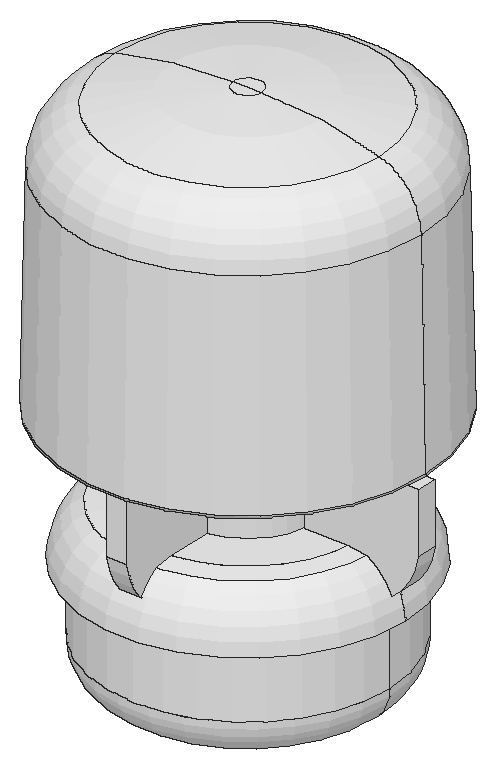
Revit family "1-Aero Sensors_RA_RFA", category Pipe Accessories, Revit 2019
Family settings
  Round Connector Dimension = Use Diameter
  Part Type = Normal
  OmniClass Number = 23.65.55.14.17
  OmniClass Title = Adjusting/Controlling Valves for Liquid Services
  Work Plane-Based = No
  Always vertical = Yes
  Cut with Voids When Loaded = No
  Shared = Yes
Parameters (values of type "Aero Sensors_Built-in_7-28 °C")
  YH = XYadd - H'  # 516 mm
  Y' [instance] = if(Box Y Offset < -1 * XYlimit, XYadd - XYlimit, (if(Box Y Offset > XYlimit, XYadd + XYlimit, Box Y Offset + XYadd)))  # 700 mm
  XYadd = XYlimit + 100 mm  # 600 mm
  X' [instance] = if(Box X Offset < -1 * XYlimit, XYadd - XYlimit, (if(Box X Offset > XYlimit, XYadd + XYlimit, Box X Offset + XYadd)))  # 700 mm
  XYlimit = 500 mm
  W [instance] = 56 mm
  Min Temperature Setting = "7 °C"
  Max Temperature Setting = "28 °C"
  Max Capillary Tube Length = 0 mm
  Sensor Media = "Gas"  # constant formula
  Remote Sensor = if(RS = 1, 1 = 1, 1 = 0)  # no
  Box Z Offset [instance] = 100 mm  # constant formula
  URL = "https://store.danfoss.com/en/Climate-Solutions-for-heating/Radiator-Thermostats/Radiator-sensors/Room-sensor-mTRV/Sensors-for-Danfoss-RA-valves/c/13884?q=%3Arelevance%3Adanfoss_producttypehierarchydesc%3ADanfoss+Aero%C2%AE+Sensors%3Adanfoss_a1186338575%3AA1186_3385757565fa0f3e171a343b2fd2a01064cb82&text="
  RS = 0
  Model Type = "Aero Sensors_Built-in_7-28 °C"
  Model = "015G4590,015G4594,015G4580,015G5201,015G4595,015G4598"
  Manufacturer = "Danfoss"  # constant formula
  LOD 350 [instance] = not(LOD 200)  # yes
  LOD 200 [instance] = no
  L [instance] = 56 mm
  IfcExportType = "Aero Sensors"  # constant formula
  IfcExportAs = "IfcActuatorType"  # constant formula
  H' = 84 mm
  H [instance] = 84 mm
  Description = "Radiator Sensor"  # constant formula
  Connection = "RA"  # constant formula
  Box Y Offset [instance] = 100 mm
  Box X Offset [instance] = 100 mm
  Body Material = Danfoss Plastic White
  Aero Sensor = Aero_RFA : Aero Sensors
Types (11, lengths in mm): name | YH | Y' | XYadd | X' | XYlimit | W | Min Temperature Setting | Max Temperature Setting | Max Capillary Tube Length | Remote Sensor | URL | RS | Model Type | Model | L | Aero Sensor
  (no name) | 516 | 700 | 600 | 700 | 500 | 56 | "7 °C" | "28 °C" | 0 | no | "https://store.danfoss.com/en/Climate-Solutions-for-heating/Radiator-Thermostats/Radiator-sensors/Room-sensor-mTRV/Sensors-for-Danfoss-RA-valves/c/13884?q=%3Arelevance%3Adanfoss_producttypehierarchydesc%3ADanfoss+Aero%C2%AE+Sensors%3Adanfoss_a1186338575%3AA1186_3385757565fa0f3e171a343b2fd2a01064cb82&text=" | 0 | "Aero Sensors_Built-in_7-28 °C" | "015G4590,015G4594,015G4580,015G5201,015G4595,015G4598" | 56 | Aero_RFA : Aero Sensors
  Aero Sensors_Built-in_7-28 °C | 516 | 700 | 600 | 700 | 500 | 56 | "7 °C" | "28 °C" | 0 | no | "https://store.danfoss.com/en/Climate-Solutions-for-heating/Radiator-Thermostats/Radiator-sensors/Room-sensor-mTRV/Sensors-for-Danfoss-RA-valves/c/13884?q=%3Arelevance%3Adanfoss_producttypehierarchydesc%3ADanfoss+Aero%C2%AE+Sensors%3Adanfoss_a1186338575%3AA1186_3385757565fa0f3e171a343b2fd2a01064cb82&text=" | 0 | "Aero Sensors_Built-in_7-28 °C" | "015G4590,015G4594,015G4580,015G5201,015G4595,015G4598" | 56 | Aero_RFA : Aero Sensors
  Aero Sensors_Tamperproof_Built-in_7-28 °C_015G4540 | 516 | 700 | 600 | 700 | 500 | 61 | "7 °C" | "28 °C" | 0 | no | "https://store.danfoss.com/en/Climate-Solutions-for-heating/Radiator-Thermostats/Radiator-sensors/Room-sensor-mTRV/Sensors-for-Danfoss-RA-valves/c/13884?q=%3Arelevance%3Adanfoss_producttypehierarchydesc%3ADanfoss+Aero%C2%AE+Sensors%3Adanfoss_a1186338575%3AA1186_3385757565fa0f3e171a343b2fd2a01064cb82&text=" | 0 | "Aero Sensors_Tamperproof_Built-in_7-28 °C" | "015G4540" | 61 | Aero_RFA : Aero Sensors_Tamper
  Aero Sensors_Remote_7-26 °C_015G4592 | 1016 | 1200 | 1100 | 1200 | 1000 | 56 | "7 °C" | "26 °C" | 2000 | yes | "https://store.danfoss.com/en/Climate-Solutions-for-heating/Radiator-Thermostats/Radiator-sensors/Room-sensor-mTRV/Sensors-for-Danfoss-RA-valves/c/13884?q=%3Arelevance%3Adanfoss_producttypehierarchydesc%3ADanfoss+Aero%C2%AE+Sensors%3Adanfoss_a1186338575%3AA1186_3385756922a4d78decdb47e1e9a53dbb12a95d&text=" | 1 | "Aero Sensors_Remote_7-26 °C" | "015G4592" | 56 | Aero_RFA : Aero Sensors
  Aero Sensors_Tamperproof_Remote_7-26 °C_015G4542 | 1016 | 1200 | 1100 | 1200 | 1000 | 61 | "7 °C" | "26 °C" | 2000 | yes | "https://store.danfoss.com/en/Climate-Solutions-for-heating/Radiator-Thermostats/Radiator-sensors/Room-sensor-mTRV/Sensors-for-Danfoss-RA-valves/c/13884?q=%3Arelevance%3Adanfoss_producttypehierarchydesc%3ADanfoss+Aero%C2%AE+Sensors%3Adanfoss_a1186338575%3AA1186_3385756922a4d78decdb47e1e9a53dbb12a95d&text=" | 1 | "Aero Sensors_Tamperproof_Remote_7-26 °C" | "015G4542" | 61 | Aero_RFA : Aero Sensors_Tamper
  Aero Sensors_Built-in_16-28 °C | 516 | 700 | 600 | 700 | 500 | 56 | "16 °C" | "28 °C" | 0 | no | "https://store.danfoss.com/en/Climate-Solutions-for-heating/Radiator-Thermostats/Radiator-sensors/Room-sensor-mTRV/Sensors-for-Danfoss-RA-valves/c/13884?q=%3Arelevance%3Adanfoss_producttypehierarchydesc%3ADanfoss+Aero%C2%AE+Sensors%3Adanfoss_a1186338575%3AA1186_3385757565fa0f3e171a343b2fd2a01064cb82&text=" | 0 | "Aero Sensors_Built-in_16-28 °C" | "015G4596,015G5200" | 56 | Aero_RFA : Aero Sensors
  Aero Sensors_Built-in_7-21 °C | 516 | 700 | 600 | 700 | 500 | 56 | "7 °C" | "21 °C" | 0 | no | "https://store.danfoss.com/en/Climate-Solutions-for-heating/Radiator-Thermostats/Radiator-sensors/Room-sensor-mTRV/Sensors-for-Danfoss-RA-valves/c/13884?q=%3Arelevance%3Adanfoss_producttypehierarchydesc%3ADanfoss+Aero%C2%AE+Sensors%3Adanfoss_a1186338575%3AA1186_3385757565fa0f3e171a343b2fd2a01064cb82&text=" | 0 | "Aero Sensors_Built-in_7-21 °C" | "015G4690,015G4680" | 56 | Aero_RFA : Aero Sensors
  Aero Sensors_Built-in_7-22 °C_015G4622 | 516 | 700 | 600 | 700 | 500 | 56 | "7 °C" | "22 °C" | 0 | no | "https://store.danfoss.com/en/Climate-Solutions-for-heating/Radiator-Thermostats/Radiator-sensors/Room-sensor-mTRV/Sensors-for-Danfoss-RA-valves/c/13884?q=%3Arelevance%3Adanfoss_producttypehierarchydesc%3ADanfoss+Aero%C2%AE+Sensors%3Adanfoss_a1186338575%3AA1186_3385757565fa0f3e171a343b2fd2a01064cb82&text=" | 0 | "Aero Sensors_Built-in_7-22 °C" | "015G4622" | 56 | Aero_RFA : Aero Sensors
  Aero Sensors_Built-in_7-23 °C | 516 | 700 | 600 | 700 | 500 | 56 | "7 °C" | "23 °C" | 0 | no | "https://store.danfoss.com/en/Climate-Solutions-for-heating/Radiator-Thermostats/Radiator-sensors/Room-sensor-mTRV/Sensors-for-Danfoss-RA-valves/c/13884?q=%3Arelevance%3Adanfoss_producttypehierarchydesc%3ADanfoss+Aero%C2%AE+Sensors%3Adanfoss_a1186338575%3AA1186_3385757565fa0f3e171a343b2fd2a01064cb82&text=" | 0 | "Aero Sensors_Built-in_7-23 °C" | "015G4623,015G5205" | 56 | Aero_RFA : Aero Sensors
  Aero Sensors_Remote_7-21 °C | 1016 | 1200 | 1100 | 1200 | 1000 | 56 | "7 °C" | "21 °C" | 2000 | yes | "https://store.danfoss.com/en/Climate-Solutions-for-heating/Radiator-Thermostats/Radiator-sensors/Room-sensor-mTRV/Sensors-for-Danfoss-RA-valves/c/13884?q=%3Arelevance%3Adanfoss_producttypehierarchydesc%3ADanfoss+Aero%C2%AE+Sensors%3Adanfoss_a1186338575%3AA1186_3385756922a4d78decdb47e1e9a53dbb12a95d&text=" | 1 | "Aero Sensors_Remote_7-21 °C" | "015G4692,015G4682" | 56 | Aero_RFA : Aero Sensors
  Aero Sensors_Tamperproof_Built-in_7-21 °C_015G4544 | 516 | 700 | 600 | 700 | 500 | 56 | "7 °C" | "21 °C" | 0 | no | "https://store.danfoss.com/en/Climate-Solutions-for-heating/Radiator-Thermostats/Radiator-sensors/Room-sensor-mTRV/Sensors-for-Danfoss-RA-valves/c/13884?q=%3Arelevance%3Adanfoss_producttypehierarchydesc%3ADanfoss+Aero%C2%AE+Sensors%3Adanfoss_a1186338575%3AA1186_3385757565fa0f3e171a343b2fd2a01064cb82&text=" | 0 | "Aero Sensors_Tamperproof_Built-in_7-21 °C" | "015G4544" | 56 | Aero_RFA : Aero Sensors_Tamper
Reference planes
  plane 1 "Center (Front/Back)": y = 0
  plane 2: z = 0
  plane 3 "Center (Left/Right)": x = 0
  plane 4: x = -600
  plane 5: z = -516
  plane 6: z = 184
Lines and regions (mm)
  reference lines
    curve 1: line (100, 100, 0) -> (100, 0, 0)
    curve 2: line (17.515, 100, 0) -> (-57.515, 100, 0)
Dimensions and locks
  "XYadd": plane 4 to plane 3 "Center (Left/Right)"
  "YH": level to plane 5
  locked: plane 1 "Center (Front/Back)" to curve 2 at 100
  "Y'": plane 6 to plane 5
  "X'": plane 4 to curve 1
  "Box Z Offset": nested 1 to plane 1 "Center (Front/Back)"
  nested 1 to plane 3 "Center (Left/Right)" = 100 mm
  "H": nested 2 to level
  nested 1 to nested 2 = 100 mm
  "L": nested 2 to nested 2
  "W": nested 2 to nested 2
  aligned and locked: level to plane 2
  aligned and locked: curve 1 to nested 1
  aligned and locked: plane 6 to nested 1
  aligned and locked: plane 3 "Center (Left/Right)" to nested 2
  aligned and locked: nested 2 to level
  aligned and locked: plane 1 "Center (Front/Back)" to nested 2
Automatic sketch dimensions
  plane 1 "Center (Front/Back)" to curve 1 = 0 mm
  plane 3 "Center (Left/Right)" to curve 2 = 17.515 mm
  curve 2 to plane 3 "Center (Left/Right)" = 57.515 mm
Nested families
  nested 1: "Remote sensor_box_RFA" at (100, 100, 184) x (-1, 0, 0) z (0, -1, 0), LOD 200 <- "LOD 200", Body Material <- "Body Material", visible <- "Remote Sensor", type "Remote sensor_box"
    with LOD 350 yes, LOD 200 no, Body Material Danfoss Plastic White
  nested 2: "Aero_RFA" at (0, 0, 0), type <- "Aero Sensor", type "Aero Sensors", detail levels fine
Definition of nested family "Remote sensor_box_RFA"
  Parameters (values of type "Remote sensor_box")
    W [instance] = 56 mm
    URL = ""
    Sensor Media = "Gas Sensor"  # constant formula
    Model = ""
    Manufacturer = "Danfoss"  # constant formula
    LOD 350 [instance] = not(LOD 200)  # no
    LOD 200 [instance] = yes
    L [instance] = 26 mm
    IfcExportType = "Remote Gas Sensor"  # constant formula
    IfcExportAs = "IfcActuatorType"  # constant formula
    H [instance] = 25 mm
    Description = "Radiator Sensor"  # constant formula
    Default Elevation = 1219.2 mm
    Body Material [instance] = none
  Reference planes
    plane 1 "Center (Front/Back)": y = 0
    plane 2: z = 0
    plane 3 "Center (Left/Right)": x = 0
    plane 4: z = 25
    plane 5: y = 28
    plane 6: y = -28
    plane 7: x = -13
    plane 8: x = 13
  Forms (mm)
    Extrusion 1, solid, material <- "Body Material", detail levels fine
      sketch origin (0, 0, 83.1) x (0, -1, 0) y (1, 0, 0)
        loop
          line (-23.8, -10) -> (23.8, -10) -> (23.8, 9.915) -> (-23.8, 9.915) -> (-23.8, -10)
      from -83.1 to -77.6
    Extrusion 2, solid, material <- "Body Material", visible <- "LOD 200", detail levels fine
      sketch origin (0, 0, 88.6) x (0, -1, 0) y (1, 0, 0)
        loop
          line (-28, -13) -> (28, -13) -> (28, 13) -> (-28, 13) -> (-28, -13)
      from -83.1 to -63.6
    Blend 3, solid, material <- "Body Material", visible <- "LOD 350", detail levels fine
      base sketch origin (0, 0, 82.972) x (0, -1, 0) y (1, 0, 0)
        loop
          line (-28.001, -13) -> (28, -13) -> (28, 13) -> (-28.001, 13) -> (-28.001, -13)
      top sketch origin (0, 0, 82.972) x (0, -1, 0) y (1, 0, 0)
        loop
          line (-26.435, -11.489) -> (26.435, -11.489) -> (26.435, 11.489) -> (-26.435, 11.489) -> (-26.435, -11.489)
      from -77.6 to -57.972
    Extrusion 4, void
      sketch origin (0, 0, 0) x (0, 1, 0) y (0, 0, 1)
        loop
          line (28.001, 5.372) -> (31.043, 5.372) -> (31.043, 25) -> (25.964, 25) -> (28.001, 5.372)
        loop
          line (-25.965, 25) -> (-31.105, 25) -> (-31.105, 5.372) -> (-28, 5.372) -> (-25.965, 25)
      from -17.5 to 17.5
    Extrusion 5, solid, material <- "Body Material", detail levels coarse+medium
      sketch origin (0, 0, 0) x (0, 1, 0) y (0, 0, 1)
        loop
          line (28, 25) -> (-28, 25) -> (-28, 0) -> (28, 0) -> (28, 25)
      from -13 to 13
  Dimensions and locks
    "H": plane 4 to level
    equal spacing: plane 7, plane 3 "Center (Left/Right)", plane 8
    equal spacing: plane 5, plane 1 "Center (Front/Back)", plane 6
    "W": plane 5 to plane 6
    "L": plane 7 to plane 8
    plane 8 to plane 7 = 26 mm
    level to Extrusion 5 = 25 mm
    aligned and locked: level to plane 2
    aligned and locked: Extrusion 1 to level
    aligned and locked: Extrusion 2 to plane 7
    aligned and locked: plane 8 to Extrusion 2
    aligned and locked: plane 4 to Extrusion 2
    aligned and locked: plane 5 to Extrusion 2
    aligned and locked: Extrusion 2 to plane 6
  Automatic sketch dimensions
    Extrusion 1 sketch curve to plane 5 = 4.2 mm
    plane 6 to Extrusion 1 sketch curve = 4.2 mm
    plane 7 to Extrusion 1 sketch curve = 3 mm
    Extrusion 1 sketch curve to plane 8 = 3.085 mm
    Extrusion 2 sketch curve to plane 5 = 0 mm
    Extrusion 2 sketch curve to plane 6 = 0 mm
    plane 7 to Extrusion 2 sketch curve = 0 mm
    Extrusion 2 sketch curve to plane 8 = 0 mm
    plane 6 to Blend 3 sketch curve = 0 mm
    Blend 3 sketch curve to plane 5 = 1.565 mm
    plane 7 to Blend 3 sketch curve = 1.511 mm
    plane 6 to Blend 3 sketch curve = 1.565 mm
    Blend 3 sketch curve to plane 8 = 1.511 mm
    Extrusion 4 sketch curve to plane 4 = 0 mm  (x2)
    Extrusion 4 sketch curve to plane 6 = 3.105 mm
    plane 6 to Extrusion 4 sketch curve = 0 mm
    plane 5 to Extrusion 4 sketch curve = 0.001 mm
    level to Extrusion 4 sketch curve = 5.372 mm  (x2)
    plane 6 to Extrusion 4 sketch curve = 2.035 mm
    Extrusion 4 sketch curve to plane 5 = 2.036 mm
    Extrusion 4 sketch curve to Extrusion 4 sketch curve = 3.042 mm
    plane 5 to Blend 3 sketch curve = 0.001 mm
    plane 7 to Blend 3 sketch curve = 0 mm
    Blend 3 sketch curve to plane 8 = 0 mm
    Extrusion 5 sketch curve to plane 4 = 0 mm
    Extrusion 5 sketch curve to plane 6 = 0 mm
    Extrusion 5 sketch curve to level = 0 mm
    Extrusion 5 sketch curve to plane 5 = 0 mm
Definition of nested family "Aero_RFA"
  Parameters (values of type "Aero Sensors")
    W = L  # 56 mm
    URL = ""
    Model Type = "Aero Sensors"
    L = 56 mm
    Sensor Media = "Gas"  # constant formula
    Model = ""
    Manufacturer = "Danfoss"  # constant formula
    LOD 350 = not(LOD 200)  # yes
    LOD 200 = no
    IfcExportType = "Aero Sensors"  # constant formula
    IfcExportAs = "IfcActuatorType"  # constant formula
    H [instance] = 84 mm
    Description = "Radiator Sensor"  # constant formula
    D1 = 1 mm
    Connection = "RA"  # constant formula
    Body Material = none
    With Tamper (LOD 200) = if(and(LOD 200, D1 = 0 mm), 1 = 1, 1 = 0)  # no
    With Tamper (LOD 350) = if(and(LOD 350, D1 = 0 mm), 1 = 1, 1 = 0)  # no
    Standard (LOD 200) = if(and(LOD 200, D1 > 0 mm), 1 = 1, 1 = 0)  # no
    Standard (LOD 350) = if(and(LOD 350, D1 > 0 mm), 1 = 1, 1 = 0)  # yes
  Types (2, lengths in mm): name | W | Model Type | L | D1 | With Tamper (LOD 350) | Standard (LOD 350)
    Aero Sensors | 56 | "Aero Sensors" | 56 | 1 | no | yes
    Aero Sensors_Tamper | 61 | "Aero Sensors_Tamper" | 61 | 0 | yes | no
  Reference planes
    plane 1 "Center (Front/Back)": y = 0
    plane 2: z = 0
    plane 3 "Center (Left/Right)": x = 0
    plane 4: z = 84
    plane 5: z = 15.7
    plane 6: z = 55.7
    plane 7: z = 38.9
    plane 8: x = 28
    plane 9: x = -28
    plane 10: y = 28
    plane 11: y = -28
  Forms (mm)
    Revolve 1, solid, material <- "Body Material", visible <- "Standard (LOD 350)"
      sketch origin (58.75, 0, 0) x (1, 0, 0) y (0, 0, 1)
        loop
          line (-81.015, 17.711) -> (-81.015, 7.41)
          arc (-81.015, 7.41) -> (-79.155, 2.921) -> (-74.665, 1.061) r 6.349
          line (-74.665, 1.061) -> (-72.426, 1.061) -> (-71.627, 0) -> (-58.75, 0) -> (-58.75, 26.296) -> (-75.835, 26.296) -> (-78.801, 25.879)
          arc (-78.801, 25.879) -> (-82.169, 22.397) -> (-83.397, 17.711) r 9.556
          line (-83.397, 17.711) -> (-81.015, 17.711)
        axis (-58.75, 26.296) -> (-58.75, 0)
      angle from 0 to 360
    Revolve 2, solid, material <- "Body Material", visible <- "Standard (LOD 200)"
      sketch origin (0, 0, 0) x (1, 0, 0) y (0, 0, 1)
        loop
          line (-27.989, 71.35) -> (-27.989, 26.296) -> (0, 26.296) -> (0, 83.808) -> (-6.101, 83.808)
          arc (-6.101, 83.808) -> (-13.09, 83.312) -> (-19.938, 81.833) r 49.463
          arc (-19.938, 81.833) -> (-25.744, 77.959) -> (-27.989, 71.35) r 10.851
        axis (0, 83.808) -> (0, 26.296)
      angle from 0 to 360
    Extrusion 3, solid, material <- "Body Material", visible <- "Standard (LOD 350)"
      sketch origin (0, 0, 0) x (1, 0, 0) y (0, 0, 1)
        loop
          line (-10.112, 38.861) -> (-18.956, 38.861) -> (-22.118, 37.969) -> (-28, 37.969) -> (-28, 28.615)
          arc (-28, 28.615) -> (-24.743, 22.336) -> (-18.133, 19.817) r 9.932
          line (-18.133, 19.817) -> (-10.112, 19.817) -> (-10.112, 38.861)
      from -1.599 to 1.564
    Extrusion 4, solid, material <- "Body Material", visible <- "Standard (LOD 350)"
      sketch origin (0, 0, 0) x (0, 1, 0) y (0, 0, 1)
        loop
          line (-7.612, 38.861) -> (-16.456, 38.861) -> (-19.618, 37.969) -> (-25.5, 37.969) -> (-25.5, 28.615)
          arc (-25.5, 28.615) -> (-22.243, 22.336) -> (-15.633, 19.817) r 9.932
          line (-15.633, 19.817) -> (-7.612, 19.817) -> (-7.612, 38.861)
      from -1.599 to 1.564
    Extrusion 5, solid, material <- "Body Material", visible <- "Standard (LOD 350)"
      sketch origin (0, 0, 0) x (-1, 0, 0) y (0, 0, -1)
        loop
          line (-10.112, -38.861) -> (-10.112, -19.817) -> (-18.133, -19.817)
          arc (-18.133, -19.817) -> (-24.743, -22.336) -> (-28, -28.615) r 9.932
          line (-28, -28.615) -> (-28, -37.969) -> (-22.118, -37.969) -> (-18.956, -38.861) -> (-10.112, -38.861)
      from -1.599 to 1.564
    Revolve 6, solid, material <- "Body Material", visible <- "Standard (LOD 200)"
      sketch origin (0, 0, 0) x (1, 0, 0) y (0, 0, 1)
        loop
          line (-22.577, 26.296) -> (-22.577, 0) -> (0, 0) -> (0, 26.296) -> (-22.577, 26.296)
        axis (0, 26.296) -> (0, 0)
      angle from 0 to 360
    Revolve 7, solid, material <- "Body Material", visible <- "With Tamper (LOD 200)"
      sketch origin (0, 0, 0) x (1, 0, 0) y (0, 0, 1)
        loop
          line (-17.049, 15.7) -> (-17.049, 0) -> (0, 0) -> (0, 15.7) -> (-17.049, 15.7)
        axis (0, 15.7) -> (0, 0)
      angle from 0 to 360
    Extrusion 8, solid, material <- "Body Material", visible <- "Standard (LOD 350)"
      sketch origin (0, 0, 0) x (0, 1, 0) y (0, 0, 1)
        loop
          line (7.612, 38.861) -> (7.612, 19.42) -> (16.192, 19.42)
          arc (16.192, 19.42) -> (20.244, 20.167) -> (23.763, 22.31) r 11.36
          arc (23.763, 22.31) -> (25.412, 24.295) -> (26.713, 26.524) r 15.693
          line (26.713, 26.524) -> (25.847, 26.524) -> (25.847, 38.861) -> (7.612, 38.861)
      from -1.6 to 1.56
    Revolve 9, solid, material <- "Body Material", visible <- "Standard (LOD 350)"
      sketch origin (0, 0, 0) x (1, 0, 0) y (0, 0, 1)
        loop
          line (0, 38.861) -> (-10.112, 38.861) -> (-10.112, 26.296) -> (0, 26.296) -> (0, 38.861)
        axis (0, 38.861) -> (0, 26.296)
      angle from 0 to 360
    Extrusion 10, solid, visible <- "Standard (LOD 350)"
      sketch origin (-10, 0, 0) x (1, 0, 0) y (0, 0, 1)
        loop
          arc (11.774, 26.527) -> (13.062, 27.175) -> (13.617, 28.507) r 2.075
          line (13.617, 28.507) -> (13.617, 31.972)
          arc (13.617, 31.972) -> (13.435, 33.865) -> (12.894, 35.69) r 9.921
          arc (12.894, 35.69) -> (12.616, 36.316) -> (12.295, 36.921) r 9.921
          arc (12.295, 36.921) -> (11.778, 37.482) -> (11.072, 37.77) r 1.747
          line (11.072, 37.77) -> (8.928, 37.77)
          arc (8.928, 37.77) -> (8.222, 37.482) -> (7.705, 36.921) r 1.747
          arc (7.705, 36.921) -> (7.384, 36.316) -> (7.106, 35.69) r 9.921
          arc (7.106, 35.69) -> (6.565, 33.865) -> (6.383, 31.972) r 9.921
          line (6.383, 31.972) -> (6.383, 28.507)
          arc (6.383, 28.507) -> (6.938, 27.175) -> (8.226, 26.527) r 2.075
          line (8.226, 26.527) -> (11.774, 26.527)
      from -27.797 to -25.847
    Revolve 11, solid, material <- "Body Material", visible <- "Standard (LOD 350)"
      sketch origin (0, 0, 0) x (1, 0, 0) y (0, 0, 1)
        loop
          line (-27.181, 72.625) -> (-27.823, 39.37)
          arc (-27.823, 39.37) -> (-27.604, 38.947) -> (-27.131, 38.9) r 0.499
          line (-27.131, 38.9) -> (-17.836, 38.9) -> (0, 38.9) -> (0, 83.811) -> (-2.223, 83.811)
          arc (-2.223, 83.811) -> (-11.503, 83.187) -> (-20.617, 81.328) r 69.366
          arc (-20.617, 81.328) -> (-25.309, 78.04) -> (-27.181, 72.625) r 9.291
        axis (0, 83.811) -> (0, 38.9)
      angle from 0 to 360
    Revolve 12, solid, material <- "Body Material", visible <- "With Tamper (LOD 350)"
      sketch origin (0, 0, 0) x (1, 0, 0) y (0, 0, 1)
        loop
          line (-27.64, 55.7) -> (-29.195, 55.7) -> (-30.485, 54.745) -> (-30.485, 38.723) -> (-22.149, 18.09)
          arc (-22.149, 18.09) -> (-20.819, 16.357) -> (-18.736, 15.7) r 3.632
          line (-18.736, 15.7) -> (0, 15.7) -> (0, 83.75)
          arc (0, 83.75) -> (-2.863, 83.722) -> (-5.726, 83.66) r 248.1
          arc (-5.726, 83.66) -> (-12.108, 83.017) -> (-18.449, 82.06) r 129.753
          arc (-18.449, 82.06) -> (-25.038, 78.256) -> (-27.64, 71.108) r 11.121
          line (-27.64, 71.108) -> (-27.64, 55.7)
        axis (0, 83.75) -> (0, 15.7)
      angle from 0 to 360
    Revolve 13, solid, material <- "Body Material", visible <- "With Tamper (LOD 200)"
      sketch origin (0, 0, 0) x (1, 0, 0) y (0, 0, 1)
        loop
          line (0, 84) -> (-6.444, 84)
          arc (-6.444, 84) -> (-19.151, 81.895) -> (-30.5, 75.805) r 39.405
          line (-30.5, 75.805) -> (-30.5, 38.991) -> (-21.201, 15.7) -> (0, 15.7) -> (0, 84)
        axis (0, 84) -> (0, 15.7)
      angle from 0 to 360
    Revolve 14, solid, material <- "Body Material", visible <- "With Tamper (LOD 200)"
      sketch origin (0, 0, 0) x (1, 0, 0) y (0, 0, 1)
        loop
          line (-17.049, 15.7) -> (-17.049, 0) -> (0, 0) -> (0, 15.7) -> (-17.049, 15.7)
        axis (0, 15.7) -> (0, 0)
      angle from 0 to 360
    Revolve 15, solid, material <- "Body Material", visible <- "With Tamper (LOD 350)"
      sketch origin (0, 0, 0) x (1, 0, 0) y (0, 0, 1)
        loop
          line (-13.252, 0) -> (0, 0) -> (0, 15.7) -> (-17.049, 15.7) -> (-17.049, 1.11) -> (-13.252, 1.11) -> (-13.252, 0)
        axis (0, 15.7) -> (0, 0)
      angle from 0 to 360
  Lines and regions (mm)
    symbolic lines
      curve 1: line (25.939, -10.66, 0) -> (27.155, -6.916, 0)
  Dimensions and locks
    "H": plane 4 to level
    locked: plane 5 to level at 15.7
    locked: plane 6 to level at 55.7
    level to Extrusion 10 sketch curve = 26.527 mm
    level to Extrusion 10 sketch curve = 37.77 mm
    Extrusion 10 sketch curve to plane 3 "Center (Left/Right)" to Extrusion 10 sketch curve = 3.617 mm, 3.617 mm
    locked: plane 7 to level at 38.9
    plane 3 "Center (Left/Right)" to Revolve 15 sketch curve = 17.049 mm
    equal spacing: plane 8, plane 3 "Center (Left/Right)", plane 9
    "L": plane 8 to plane 9
    equal spacing: plane 11, plane 1 "Center (Front/Back)", plane 10
    "W": plane 11 to plane 10
    aligned and locked: level to plane 2
    aligned and locked: Revolve 6 sketch curve to level
    aligned and locked: plane 3 "Center (Left/Right)" to Revolve 6 sketch curve
    aligned and locked: Revolve 6 sketch curve to plane 3 "Center (Left/Right)"
    aligned and locked: Revolve 7 sketch curve to plane 5
    aligned and locked: Revolve 7 sketch curve to level
    aligned and locked: Revolve 7 sketch curve to plane 3 "Center (Left/Right)"  (x2)
    aligned and locked: Revolve 2 sketch curve to plane 3 "Center (Left/Right)"
    aligned and locked: Revolve 9 sketch curve to plane 3 "Center (Left/Right)"  (x2)
    aligned and locked: Extrusion 3 to Revolve 9 sketch curve
    aligned and locked: Revolve 1 to Revolve 9 sketch curve
    aligned and locked: plane 3 "Center (Left/Right)" to Revolve 1 sketch curve
    aligned and locked: Revolve 1 sketch curve to plane 3 "Center (Left/Right)"
    aligned and locked: Revolve 11 sketch curve to plane 7
    aligned and locked: Revolve 11 sketch curve to plane 3 "Center (Left/Right)"  (x2)
    aligned and locked: plane 6 to Revolve 12 sketch curve
    aligned and locked: plane 3 "Center (Left/Right)" to Revolve 13 sketch curve
    aligned and locked: Revolve 13 sketch curve to plane 5
    aligned and locked: plane 4 to Revolve 13 sketch curve
    aligned and locked: Revolve 13 sketch curve to plane 3 "Center (Left/Right)"
    aligned and locked: Revolve 14 sketch curve to plane 3 "Center (Left/Right)"  (x2)
    aligned and locked: Revolve 14 sketch curve to level
    aligned and locked: Revolve 14 sketch curve to plane 5
    aligned and locked: Revolve 12 sketch curve to plane 5
    aligned and locked: Revolve 12 sketch curve to plane 3 "Center (Left/Right)"  (x2)
    aligned and locked: Revolve 15 sketch curve to plane 5
    aligned and locked: Revolve 15 sketch curve to plane 3 "Center (Left/Right)"  (x2)
  Automatic sketch dimensions
    plane 1 "Center (Front/Back)" to curve 1 = 10.66 mm
    curve 1 to curve 1 = 3.744 mm
    Revolve 1 sketch curve to level = 0 mm
    Revolve 1 sketch curve to plane 3 "Center (Left/Right)" = 12.877 mm
    Revolve 1 sketch curve to Revolve 1 sketch curve = 0.8 mm
    plane 5 to Revolve 1 sketch curve = 2.011 mm
    Revolve 1 sketch curve to Revolve 1 sketch curve = 2.239 mm
    Revolve 1 sketch curve to Revolve 1 sketch curve = 1.994 mm
    Revolve 1 sketch curve to Revolve 1 sketch curve = 2.966 mm
    Revolve 1 sketch curve to Revolve 1 sketch curve = 2.383 mm
    level to Revolve 1 sketch curve = 1.061 mm
    plane 5 to Revolve 1 sketch curve = 10.596 mm
    Revolve 1 sketch curve to level = 366.045 mm
    plane 4 to Revolve 1 sketch curve = 2130.315 mm
    Revolve 2 sketch curve to plane 3 "Center (Left/Right)" = 0 mm
    Revolve 2 sketch curve to plane 4 = 0.192 mm
    Revolve 2 sketch curve to Revolve 2 sketch curve = 6.101 mm
    Revolve 2 sketch curve to Revolve 2 sketch curve = 12.458 mm
    level to Revolve 2 sketch curve = 34.345 mm
    Revolve 2 sketch curve to Revolve 2 sketch curve = 8.049 mm
    Revolve 2 sketch curve to level = 366.045 mm
    plane 4 to Revolve 2 sketch curve = 2130.315 mm
    Extrusion 3 sketch curve to Extrusion 3 sketch curve = 3.162 mm
    Extrusion 3 sketch curve to Extrusion 3 sketch curve = 3.985 mm
    plane 5 to Extrusion 3 sketch curve = 4.117 mm
    Extrusion 3 sketch curve to Extrusion 3 sketch curve = 8.021 mm
    plane 5 to Extrusion 3 sketch curve = 12.915 mm
    Extrusion 3 sketch curve to Extrusion 3 sketch curve = 9.353 mm
    Extrusion 3 sketch curve to Extrusion 3 sketch curve = 0.892 mm
    Extrusion 4 sketch curve to Extrusion 4 sketch curve = 5.882 mm
    Extrusion 4 sketch curve to Extrusion 4 sketch curve = 3.162 mm
    Extrusion 4 sketch curve to Extrusion 4 sketch curve = 3.985 mm
    plane 5 to Extrusion 4 sketch curve = 4.117 mm
    plane 1 "Center (Front/Back)" to Extrusion 4 sketch curve = 7.612 mm
    plane 5 to Extrusion 4 sketch curve = 12.915 mm
    Extrusion 4 sketch curve to Extrusion 4 sketch curve = 9.353 mm
    Extrusion 4 sketch curve to Extrusion 4 sketch curve = 0.892 mm
    Extrusion 5 sketch curve to Extrusion 5 sketch curve = 5.882 mm
    Extrusion 5 sketch curve to Extrusion 5 sketch curve = 3.162 mm
    Extrusion 5 sketch curve to Extrusion 5 sketch curve = 3.985 mm
    Extrusion 5 sketch curve to plane 5 = 4.117 mm
    Extrusion 5 sketch curve to Extrusion 5 sketch curve = 8.021 mm
    Extrusion 5 sketch curve to plane 5 = 12.915 mm
    Extrusion 5 sketch curve to Extrusion 5 sketch curve = 9.353 mm
    Extrusion 5 sketch curve to Extrusion 5 sketch curve = 0.892 mm
    plane 5 to Revolve 6 sketch curve = 10.596 mm
    Revolve 6 sketch curve to level = 366.045 mm
    plane 4 to Revolve 6 sketch curve = 2130.315 mm
    Revolve 7 sketch curve to level = 366.045 mm
    plane 4 to Revolve 7 sketch curve = 2130.315 mm
    plane 5 to Extrusion 8 sketch curve = 3.72 mm
    Extrusion 8 sketch curve to Extrusion 8 sketch curve = 3.636 mm
    Extrusion 8 sketch curve to Extrusion 8 sketch curve = 4.944 mm
    Extrusion 8 sketch curve to Extrusion 8 sketch curve = 0.866 mm
    Extrusion 8 sketch curve to Extrusion 8 sketch curve = 7.103 mm
    Extrusion 8 sketch curve to Extrusion 8 sketch curve = 4.257 mm
    Extrusion 8 sketch curve to Extrusion 8 sketch curve = 2.516 mm
    Extrusion 8 sketch curve to Extrusion 8 sketch curve = 5.564 mm
    Revolve 9 sketch curve to level = 366.045 mm
    plane 4 to Revolve 9 sketch curve = 2130.315 mm
    Extrusion 10 sketch curve to Extrusion 10 sketch curve = 0.002 mm  (x2)
    Extrusion 10 sketch curve to Extrusion 10 sketch curve = 2.687 mm  (x2)
    Extrusion 10 sketch curve to Extrusion 10 sketch curve = 1.843 mm
    Extrusion 10 sketch curve to Extrusion 10 sketch curve = 2.074 mm  (x2)
    Extrusion 10 sketch curve to Extrusion 10 sketch curve = 2.545 mm
    Extrusion 10 sketch curve to Extrusion 10 sketch curve = 0.29 mm  (x2)
    Extrusion 10 sketch curve to Extrusion 10 sketch curve = 1.563 mm
    Extrusion 10 sketch curve to Extrusion 10 sketch curve = 1.979 mm  (x2)
    Extrusion 10 sketch curve to Extrusion 10 sketch curve = 2.062 mm
    Extrusion 10 sketch curve to Extrusion 10 sketch curve = 3.465 mm
    Extrusion 10 sketch curve to Extrusion 10 sketch curve = 0 mm  (x2)
    Extrusion 10 sketch curve to Extrusion 10 sketch curve = 0.003 mm  (x2)
    Extrusion 10 sketch curve to Extrusion 10 sketch curve = 1.723 mm
    Extrusion 10 sketch curve to Extrusion 10 sketch curve = 2.113 mm
    Extrusion 10 sketch curve to Extrusion 10 sketch curve = 1.223 mm
    Revolve 9 sketch curve to plane 7 = 0.039 mm
    plane 7 to Revolve 11 sketch curve = 0.47 mm
    Revolve 11 sketch curve to Revolve 11 sketch curve = 0.499 mm
    Revolve 11 sketch curve to Revolve 11 sketch curve = 0.193 mm
    Revolve 11 sketch curve to plane 4 = 11.375 mm
    Revolve 11 sketch curve to Revolve 11 sketch curve = 0.643 mm
    Revolve 11 sketch curve to Revolve 11 sketch curve = 9.29 mm
    Revolve 11 sketch curve to Revolve 11 sketch curve = 9.295 mm
    Revolve 11 sketch curve to plane 5 = 1.255 mm
    Revolve 11 sketch curve to Revolve 11 sketch curve = 0.18 mm
    Revolve 11 sketch curve to Revolve 11 sketch curve = 11.366 mm
    Revolve 11 sketch curve to level = 366.045 mm
    plane 4 to Revolve 11 sketch curve = 2130.315 mm
    Revolve 13 sketch curve to plane 3 "Center (Left/Right)" = 6.444 mm
    plane 7 to Revolve 13 sketch curve = 0.091 mm
    plane 7 to Revolve 13 sketch curve = 5.695 mm
    Revolve 13 sketch curve to level = 366.045 mm
    plane 4 to Revolve 13 sketch curve = 2130.315 mm
    Revolve 14 sketch curve to level = 366.045 mm
    plane 4 to Revolve 14 sketch curve = 2130.315 mm
    plane 5 to Revolve 12 sketch curve = 3.632 mm
    plane 5 to Revolve 12 sketch curve = 2.39 mm
    Revolve 12 sketch curve to plane 6 = 0.955 mm
    Revolve 12 sketch curve to Revolve 12 sketch curve = 1.29 mm
    plane 3 "Center (Left/Right)" to Revolve 12 sketch curve = 1.032 mm
    plane 3 "Center (Left/Right)" to Revolve 12 sketch curve = 4.082 mm
    Revolve 12 sketch curve to level = 45.722 mm
    Revolve 12 sketch curve to plane 7 = 0.177 mm
    Revolve 12 sketch curve to plane 4 = 12.892 mm
    Revolve 12 sketch curve to plane 4 = 0.34 mm
    Revolve 12 sketch curve to Revolve 12 sketch curve = 0 mm
    Revolve 12 sketch curve to plane 4 = 0.25 mm
    Revolve 12 sketch curve to Revolve 12 sketch curve = 201.697 mm
    plane 4 to Revolve 12 sketch curve = 2130.315 mm
    level to Revolve 15 sketch curve = 1.11 mm
    Revolve 15 sketch curve to Revolve 15 sketch curve = 3.797 mm
    Revolve 15 sketch curve to level = 0 mm
    Revolve 15 sketch curve to level = 366.045 mm
    plane 4 to Revolve 15 sketch curve = 2130.315 mm
    plane 3 "Center (Left/Right)" to curve 1 = 25.939 mm
    curve 1 to curve 1 = 1.216 mm
    Extrusion 5 sketch curve to plane 3 "Center (Left/Right)" = 28 mm
    Revolve 1 sketch curve to plane 3 "Center (Left/Right)" = 17.085 mm
    Revolve 1 sketch curve to Revolve 1 sketch curve = 7.174 mm
    Revolve 2 sketch curve to Revolve 2 sketch curve = 11.036 mm
    Revolve 2 sketch curve to Revolve 2 sketch curve = 10.851 mm
    Extrusion 3 sketch curve to plane 3 "Center (Left/Right)" = 28 mm
    Extrusion 3 sketch curve to Extrusion 3 sketch curve = 5.882 mm
    Revolve 6 sketch curve to plane 3 "Center (Left/Right)" = 22.577 mm
    Revolve 7 sketch curve to Revolve 7 sketch curve = 17.049 mm
    Revolve 11 sketch curve to Revolve 11 sketch curve = 2.223 mm
    Revolve 11 sketch curve to Revolve 11 sketch curve = 17.836 mm
    Revolve 12 sketch curve to plane 3 "Center (Left/Right)" = 16.518 mm
    Revolve 12 sketch curve to plane 3 "Center (Left/Right)" = 18.736 mm
    Revolve 12 sketch curve to Revolve 12 sketch curve = 11.121 mm
    Revolve 12 sketch curve to Revolve 12 sketch curve = 1.556 mm
    Revolve 13 sketch curve to plane 3 "Center (Left/Right)" = 21.201 mm
    Revolve 13 sketch curve to Revolve 13 sketch curve = 24.056 mm
    Revolve 14 sketch curve to plane 3 "Center (Left/Right)" = 17.049 mm
    Extrusion 4 sketch curve to Extrusion 4 sketch curve = 8.021 mm
    Extrusion 8 sketch curve to Extrusion 8 sketch curve = 9.655 mm
    Extrusion 8 sketch curve to plane 1 "Center (Front/Back)" = 7.612 mm
